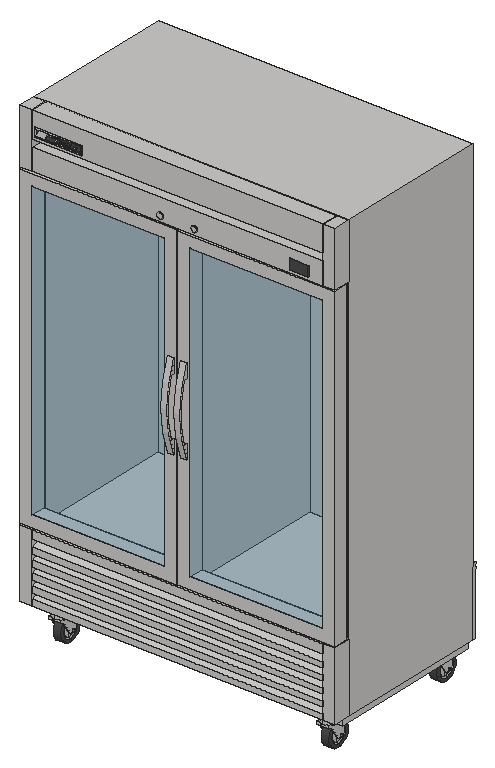
Revit family "QF_TRUE_T-49G-HC~FGD01", category Specialty Equipment, Revit 2015
Parameters
  Weight in Pounds = 0
  Watts = Volts * FL Amps  # 621 W
  Volts = 115 V
  URL Cutsheet = "www.truemfg.com"
  URL = "www.truemfg.com"
  Specification by User = ""
  Specification by Manufacturer = ""
  Show Clearance [instance] = yes
  Show 6 Inches Standard Legs [instance] = no
  Show 6 Inches Seismic Flanged Legs [instance] = no
  6 Inches Seismic Flanged Legs [instance] = and(Show 6 Inches Seismic Flanged Legs, not(Show 5 Inches Castors))  # no
  Show Logo [instance] = yes
  Serial Number = ""
  Seismic Rating = ""
  SMACNA No = ""
  Revision Code = ""
  Phase = 1
  Overall Height [instance] = Body Height + Base Height  # 83 3/8"
  Number of Poles = 1
  NAFEM Spec ID Number = ""
  Model = "T-49G-HC~FGD01"
  Min Ckt Ampacity = 0 A
  Max Overcurrent Protection = 0 A
  Masterspec = ""
  Manufacturer = "TRUE"
  Length = 54 5/32"
  Item Number = ""
  Installed By = ""
  Identify Quantity as Lot = yes
  Height = 83 3/8"
  HP = "1/2"
  Furnished By = ""
  Foodservice Equipment Identifier = yes
  FL Amps = 5.4 A
  Electrical Remarks = ""
  Electric Connection Type = ""
  Elec Conn RI Height = 0"
  Elec Conn Connection Height = 0"
  Description = "REACH-IN GLASS SWING DOOR REFRIGERATOR WITH HYDROCARBON REFRIGERANT~FRAMED GLASS DOOR VERSION 01"
  Depth = 29 13/16"
  Cycle = 60 Hz
  Conn Plug = "NEMA 5-15P"
  Conn Conduit = yes
  CSI MasterFormat = ""
  Body Height = 78 5/16"
  Base Height [instance] = if(Show 5 Inches Castors, 5 1/16", if(Show 6 Inches Standard Legs, 6", if(Show 6 Inches Seismic Flanged Legs, 6", 5 1/16")))  # 5 1/16"
  Apparent Power = 0 VA
  6 Inches Standard Legs [instance] = and(Show 6 Inches Standard Legs, not(Show 5 Inches Castors))  # no
  Show 5 Inches Castors [instance] = if(Show 6 Inches Standard Legs, Show 6 Inches Seismic Flanged Legs, not(Show 6 Inches Seismic Flanged Legs))  # yes
Reference planes (in)
  plane 1 "BACK": y = 0
  plane 2: z = 0
  plane 3 "LEFT": x = 0
  plane 4 "RIGHT": x = 54.15625
  plane 5 "FRONT": y = -29.8125
  plane 6 "TOP": z = 83.375
  plane 7 "Center Y": x = 27.07813
  plane 8 "Center X": y = -14.90625
  plane 9: z = 5.0625
Dimensions and locks (in)
  equal spacing: plane 3 "LEFT", plane 7 "Center Y", plane 4 "RIGHT"
  "Length": plane 3 "LEFT" to plane 4 "RIGHT"
  equal spacing: plane 5 "FRONT", plane 8 "Center X", plane 1 "BACK"
  "Depth": plane 5 "FRONT" to plane 1 "BACK"
  "Overall Height": plane 6 "TOP" to level
  plane 3 "LEFT" to plane 4 "RIGHT" = 54 5/32"
  nested 5 to plane 1 "BACK" = 1/2"
  nested 5 to nested 5 = 1 17/32"
  nested 5 to nested 5 = 31 27/32"
  "Base Height": plane 9 to level
  "Body Height": nested 5 to plane 9
  aligned and locked: level to plane 2
  aligned and locked: nested 5 to plane 9
Nested families (in)
  nested 1: "CASTER-LEGS" at (4, -2.625, 0), Show 5" Casters <- "Show 5 Inches Castors", Show 6 Inches Legs <- "6 Inches Standard Legs", Show Siesmic Flanged <- "6 Inches Seismic Flanged Legs", type "CASTER-LEGS"
    with Type Mark "", Status "", Specification by User "", Show Siesmic Flanged no, Show 6" Casters no, Show 6 Inches Legs no, Show 5" Casters yes, Show 4" Casters no, Show 2.5 Standard Legs no, Show 2.5 Casters no, Revision Code "", Low Profile no, Item Number "", Installed By "", Identify Quantity as Lot yes, Furnished By "", Foodservice Equipment Identifier yes
  nested 2: "CASTER-LEGS" at (4, -25.875, 0), Show 5" Casters <- "Show 5 Inches Castors", Show 6 Inches Legs <- "6 Inches Standard Legs", Show Siesmic Flanged <- "6 Inches Seismic Flanged Legs", type "CASTER-LEGS"
    with Type Mark "", Status "", Specification by User "", Show Siesmic Flanged no, Show 6" Casters no, Show 6 Inches Legs no, Show 5" Casters yes, Show 4" Casters no, Show 2.5 Standard Legs no, Show 2.5 Casters no, Revision Code "", Low Profile no, Item Number "", Installed By "", Identify Quantity as Lot yes, Furnished By "", Foodservice Equipment Identifier yes
  nested 3: "CASTER-LEGS" at (50.15625, -2.625, 0), Show 5" Casters <- "Show 5 Inches Castors", Show 6 Inches Legs <- "6 Inches Standard Legs", Show Siesmic Flanged <- "6 Inches Seismic Flanged Legs", type "CASTER-LEGS"
    with Type Mark "", Status "", Specification by User "", Show Siesmic Flanged no, Show 6" Casters no, Show 6 Inches Legs no, Show 5" Casters yes, Show 4" Casters no, Show 2.5 Standard Legs no, Show 2.5 Casters no, Revision Code "", Low Profile no, Item Number "", Installed By "", Identify Quantity as Lot yes, Furnished By "", Foodservice Equipment Identifier yes
  nested 4: "CASTER-LEGS" at (50.15625, -25.875, 0), Show 5" Casters <- "Show 5 Inches Castors", Show 6 Inches Legs <- "6 Inches Standard Legs", Show Siesmic Flanged <- "6 Inches Seismic Flanged Legs", type "CASTER-LEGS"
    with Type Mark "", Status "", Specification by User "", Show Siesmic Flanged no, Show 6" Casters no, Show 6 Inches Legs no, Show 5" Casters yes, Show 4" Casters no, Show 2.5 Standard Legs no, Show 2.5 Casters no, Revision Code "", Low Profile no, Item Number "", Installed By "", Identify Quantity as Lot yes, Furnished By "", Foodservice Equipment Identifier yes
  nested 5: "T-49G-HC-FGD01" at (0, 0, 0), Show Clearance <- "Show Clearance", Show Logo <- "Show Logo", type "T-49G-HC-FGD01"
    with Show Logo yes, Material and Finishes QF_Metal - Stainless - Polished
Connectors (in)
  electrical at (27.07812, 0.5, 12.71048), driven by "Volts", driven by "Watts"
    settings: on nested 5, index 1, voltage 115 V, apparent load 621 VA, apparent load phase1 0 VA, apparent load phase2 0 VA, apparent load phase3 0 VA, power factor 1, load classification "Other", number of poles 1, system type 30, power factor state 1, is connector primary yes, connector utility no, sub classification motor no, connector description "ELECTRICAL CONNECTION"
Definition of nested family "CASTER-LEGS"
  Parameters (values of type "CASTER-LEGS")
    Weight = ""
    URL Manufacturer = ""
    URL Cutsheet = ""
    URL = ""
    Type Mark [instance] = ""
    Status [instance] = ""
    Specification by User [instance] = ""
    Specification by Manufacturer = ""
    Show Siesmic Flanged [instance] = yes
    Show 6 Inches Legs [instance] = yes
    Show 6" Casters [instance] = yes
    Show 5" Casters [instance] = yes
    Show 4" Casters [instance] = yes
    Show 2.5 Standard Legs [instance] = yes
    Show 2.5 Casters [instance] = yes
    Serial Number = ""
    Seismic Rating = ""
    SMACNA No = ""
    Revision Code [instance] = ""
    Omniclass Number and Title = ""
    NAFEM Spec ID Number = ""
    Model = ""
    MasterSpec. = ""
    Manufacturer = ""
    Low Profile [instance] = yes
    Item Number [instance] = ""
    Installed By [instance] = ""
    Identify Quantity as Lot [instance] = yes
    Furnished By [instance] = ""
    Foodservice Equipment Identifier [instance] = yes
    Description = ""
    CSI MasterFormat = ""
    CSI Master Format = ""
    Assembly Code = ""
  Reference planes (in)
    plane 1: z = 0
    plane 2 "RIGHT": x = 0
    plane 3 "FRONT": y = 0
    plane 4 "TOP": z = 6
    plane 5: z = 2.125
    plane 6: z = 2.5
    plane 7: z = 6.25
  Forms (in)
    Revolve 1, solid, visible <- "Show 6 Inches Legs"
      sketch origin (11.12172, 0, 0) x (-1, 0, 0) y (0, 0, -1)
        loop
          line (11.12172, -6) -> (11.12172, 0) -> (10.62172, 0) -> (10.62172, -1.30261) -> (10.37172, -1.30261) -> (10.37172, -6) -> (11.12172, -6)
        axis (11.12172, 0) -> (11.12172, -6)
      angle from 0 to 360
    Extrusion 2, solid, visible <- "Show Siesmic Flanged"
      sketch origin (0, 0, 0) x (1, 0, 0) y (0, 1, 0)
        loop
          circle (-0.00825, 0) r 1
      from 0 to 0.125
    Revolve 3, solid, visible <- "Show Siesmic Flanged"
      sketch origin (11.12172, 0, 0) x (-1, 0, 0) y (0, 0, -1)
        loop
          line (11.12172, -6) -> (11.12172, -0.125) -> (10.62172, -0.125) -> (10.62172, -1.30261) -> (10.37172, -1.30261) -> (10.37172, -6) -> (11.12172, -6)
        axis (11.12172, -0.125) -> (11.12172, -6)
      angle from 0 to 360
    Revolve 4, solid, visible <- "Show 2.5 Standard Legs"
      sketch origin (11.12172, 0, 0) x (-1, 0, 0) y (0, 0, -1)
        loop
          line (11.12172, -2.5) -> (11.12172, 0) -> (10.62172, 0) -> (10.62172, -0.75) -> (10.37172, -0.75) -> (10.37172, -2.5) -> (11.12172, -2.5)
        axis (11.12172, 0) -> (11.12172, -2.5)
      angle from 0 to 360
  Dimensions and locks (in)
    plane 4 "TOP" to level = 6"  (x2)
    locked: Revolve 1 sketch curve to Revolve 1 sketch curve at 1.30261
    locked: Revolve 1 sketch curve to Revolve 1 sketch curve at 0.75
    nested 1 to level = 5"
    plane 6 to plane 1 = 2 1/2"
    plane 5 to plane 1 = 2 1/8"
    plane 7 to plane 1 = 6 1/4"
    locked: Revolve 3 sketch curve to Revolve 3 sketch curve at 0.75
    aligned and locked: level to plane 1
  Nested families (in)
    nested 1: "PITCO_5 INCHES CASTER" at (0, 0, 0), Show Casters <- "Show 5" Casters", type "PITCO_5 INCHES CASTER"
      with Type Mark "", Status "", Specification by User "", Show Casters yes, Revision Code "", Item Number "", Installed By "", Identify Quantity as Lot yes, Furnished By "", Foodservice Equipment Identifier yes
    nested 2: "2.13" at (0, 0, 0), 2.5 Inches Caster <- "Low Profile", type "2.13"
      with Type Mark "", Status "", Specification by User "", Revision Code "", Item Number "", Installed By "", Identify Quantity as Lot yes, Furnished By "", Foodservice Equipment Identifier yes, 2.5 Inches Caster yes
    nested 3: "C4" at (0, 0, 0), Show 4 Inches Casters <- "Show 4" Casters", type "C4"
      with Type Mark "", Specification by User "", Show 4 Inches Casters yes, Revision Code "", Item Number "", Installed By "", Identify Quantity as Lot yes, Furnished By "", Foodservice Equipment Identifier yes
    nested 4: "6 Inches Leg & Caster" at (0, 0, 0), Show Casters <- "Show 6" Casters", type "6 Inches Leg & Caster"
      with Type Mark "", Status "", Specification by User "", Show Casters yes, Revision Code "", Item Number "", Installed By "", Identify Quantity as Lot yes, Furnished By "", Foodservice Equipment Identifier yes
    nested 5: "C2.5" at (0, -0.86941, 0), 2.5 Inches Caster <- "Show 2.5 Casters", type "C2.5"
      with Type Mark "", Status "", Specification by User "", Revision Code "", Item Number "", Installed By "", Identify Quantity as Lot yes, Furnished By "", Foodservice Equipment Identifier yes, 2.5 Inches Caster yes
  Definition of nested family "PITCO_5 INCHES CASTER"
    Parameters (values of type "PITCO_5 INCHES CASTER")
      Weight = ""
      URL Manufacturer = ""
      URL Cutsheet = ""
      URL = ""
      Type Mark [instance] = ""
      Status [instance] = ""
      Specification by User [instance] = ""
      Specification by Manufacturer = ""
      Show Casters [instance] = yes
      Rubber = none
      Chrome = none
      Serial Number = ""
      Seismic Rating = ""
      SMACNA No = ""
      Revision Code [instance] = ""
      Omniclass Number and Title = ""
      NAFEM Spec ID Number = ""
      Model = ""
      MasterSpec. = ""
      Manufacturer = ""
      Item Number [instance] = ""
      Installed By [instance] = ""
      Identify Quantity as Lot [instance] = yes
      Furnished By [instance] = ""
      Foodservice Equipment Identifier [instance] = yes
      Description = ""
      CSI MasterFormat = ""
      CSI Master Format = ""
      Assembly Code = ""
    Reference planes (in)
      plane 1: z = 0
      plane 2 "RIGHT": x = 0
      plane 3 "FRONT": y = 0
      plane 4 "TOP": z = 5
      plane 5: z = 5.0625
    Forms (in)
      Revolve 1, solid, visible <- "Show Casters"
        sketch origin (-180, 1.0625, -34.67466) x (0, 0, -1) y (-1, 0, 0)
          loop
            line (-34.67466, -180.64009) -> (-34.67466, -179.35991) -> (-35.17466, -179.35991) -> (-35.17466, -179.48491) -> (-35.42466, -179.48491) -> (-35.42466, -179.64009) -> (-36.48519, -179.60306) -> (-36.48519, -178.85852) -> (-36.5316, -178.85852) -> (-36.5316, -178.71719) -> (-36.70591, -178.71719) -> (-36.70591, -181.28281) -> (-36.5316, -181.28281) -> (-36.5316, -181.14148) -> (-36.48519, -181.14148) -> (-36.48519, -180.39694) -> (-35.42466, -180.35991) -> (-35.42466, -180.51509) -> (-35.17466, -180.51509) -> (-35.17466, -180.64009) -> (-34.67466, -180.64009)
          axis (-36.70591, -181.28281) -> (-36.70591, -178.71719)
        angle from 0 to 360
      Extrusion 2, solid, visible <- "Show Casters"
        sketch origin (0, 0, -1.11142) x (0, -1, 0) y (1, 0, 0)
          loop
            circle (0, 0) r 1.5
        from 5.61142 to 6.17392
      Extrusion 3, solid, visible <- "Show Casters"
        sketch origin (0, 0, 0.289) x (0, -1, 0) y (0, 0, 1)
          loop
            arc (0.91808, 3.59427) -> (1.13645, 3.7909) -> (1.42156, 3.86198) r 0.60732
            line (1.42156, 3.86198) -> (1.46208, 3.86198) -> (1.43155, 4.211) -> (-1.43155, 4.211)
            arc (-1.43155, 4.211) -> (-1.62474, 4.13098) -> (-1.70476, 3.93778) r 0.27322
            line (-1.70476, 3.93778) -> (-1.70476, 3.78861) -> (-1.76351, 2.11371) -> (-1.82446, 1.68005)
            arc (-1.82446, 1.68005) -> (-1.73191, 1.41127) -> (-1.46007, 1.32816) r 0.31307
            line (-1.46007, 1.32816) -> (-0.60834, 1.47835)
            arc (-0.60834, 1.47835) -> (-0.50841, 1.51771) -> (-0.43181, 1.59299) r 0.26936
            line (-0.43181, 1.59299) -> (0.91808, 3.59427)
        from 0.84601 to 1.05998
      Extrusion 4, solid, visible <- "Show Casters"
        sketch origin (0, 0, -0.82242) x (0, -1, 0) y (0, 0, -1)
          loop
            line (1.43155, -5.32242) -> (1.46208, -4.9734) -> (1.42156, -4.9734)
            arc (1.42156, -4.9734) -> (1.13645, -4.90232) -> (0.91808, -4.70569) r 0.60732
            line (0.91808, -4.70569) -> (-0.43181, -2.70441)
            arc (-0.43181, -2.70441) -> (-0.50841, -2.62913) -> (-0.60834, -2.58977) r 0.26936
            line (-0.60834, -2.58977) -> (-1.46007, -2.43958)
            arc (-1.46007, -2.43958) -> (-1.73191, -2.52269) -> (-1.82446, -2.79147) r 0.31307
            line (-1.82446, -2.79147) -> (-1.76351, -3.22513) -> (-1.70476, -4.90003) -> (-1.70476, -5.0492)
            arc (-1.70476, -5.0492) -> (-1.62474, -5.2424) -> (-1.43155, -5.32242) r 0.27322
            line (-1.43155, -5.32242) -> (1.43155, -5.32242)
        from 0.84601 to 1.05998
      Extrusion 5, solid, visible <- "Show Casters"
        sketch origin (-0.84601, 0, 0.289) x (0, 1, 0) y (0, 0, 1)
          loop
            line (1.43155, 4.211) -> (-1.43155, 4.211) -> (-1.46208, 3.86198) -> (-1.42156, 3.86198)
            arc (-1.42156, 3.86198) -> (-1.13645, 3.7909) -> (-0.91808, 3.59427) r 0.60732
            arc (-0.91808, 3.59427) -> (0.37927, 3.88135) -> (1.70476, 3.78861) r 4.63574
            line (1.70476, 3.78861) -> (1.70476, 3.93778)
            arc (1.70476, 3.93778) -> (1.62474, 4.13098) -> (1.43155, 4.211) r 0.27322
        from 0 to 1.69203
    Cuts and joins
      joined: Extrusion 3, Extrusion 4, Extrusion 5
    Lines and regions (in)
      symbolic lines, visible <- "Show Casters"
        curve 1: line (0.70901, 2.6399, 0) -> (1.79507, 2.01286, 0)
        curve 2: line (-1.79099, -1.69023, 0) -> (0.70901, 2.6399, 0)
        curve 3: line (-0.70493, -2.31727, 0) -> (-1.79099, -1.69023, 0)
        curve 4: line (1.79507, 2.01286, 0) -> (-0.70493, -2.31727, 0)
    Dimensions and locks (in)
      plane 4 "TOP" to level = 5"  (x2)
      plane 5 to level = 5 1/16"
      aligned and locked: level to plane 1
  Definition of nested family "2.13"
    Parameters
      Weight = ""
      URL Manufacturer = ""
      URL Cutsheet = ""
      URL = ""
      Type Mark [instance] = ""
      Status [instance] = ""
      Specification by User [instance] = ""
      Specification by Manufacturer = ""
      Serial Number = ""
      Seismic Rating = ""
      SMACNA No = ""
      Revision Code [instance] = ""
      Omniclass Number and Title = ""
      NAFEM Spec ID Number = ""
      Model = ""
      MasterSpec. = ""
      Manufacturer = ""
      Item Number [instance] = ""
      Installed By [instance] = ""
      Identify Quantity as Lot [instance] = yes
      Furnished By [instance] = ""
      Foodservice Equipment Identifier [instance] = yes
      Description = ""
      CSI MasterFormat = ""
      CSI Master Format = ""
      Assembly Code = ""
      2.5 Inches Caster [instance] = yes
    Reference planes (in)
      plane 1: z = 0
      plane 2 "RIGHT": x = 0
      plane 3 "FRONT": y = 0
      plane 4 "TOP": z = 2.125
    Forms (in)
      Revolve 1, solid, visible <- "2.5 Inches Caster"
        sketch origin (-1.93794, 0.83816, -1.0041) x (1, 0, 0) y (0, 0, 1)
          loop
            line (0.74055, 1.76972) -> (0.74055, 1.69422) -> (0.79055, 1.64422) -> (0.85055, 1.64422) -> (0.85055, 1.52415) -> (1.235, 1.52415) -> (1.235, 1.4568) -> (1.38673, 1.3692) -> (1.4003, 1.28535) -> (1.34375, 1.28535) -> (1.34375, 1.16035) -> (1.375, 1.16035) -> (1.375, 1.0041) -> (1.87544, 1.0041) -> (1.87544, 1.52415) -> (2.00044, 1.52415) -> (2.00044, 1.0041) -> (2.48438, 1.0041) -> (2.48438, 1.16035) -> (2.51563, 1.16035) -> (2.51563, 1.28535) -> (2.45908, 1.28535) -> (2.47322, 1.37272) -> (2.62438, 1.45999) -> (2.62438, 1.52415) -> (3.04007, 1.52415) -> (3.04007, 1.64422) -> (3.10007, 1.64422) -> (3.15007, 1.69422) -> (3.15007, 1.76972) -> (0.74055, 1.76972)
          axis (0.74055, 1.76972) -> (3.15007, 1.76972)
        angle from 0 to 360
      Extrusion 2, solid, visible <- "2.5 Inches Caster"
        sketch origin (-1.93794, 1.80294, -3.6291) x (0, 1, 0) y (0, 0, 1)
          loop
            line (-0.64294, 5.43229) -> (-0.64294, 5.55298) -> (-2.21294, 5.55298) -> (-2.21294, 5.30272) -> (-1.81966, 5.30272)
            arc (-1.81966, 5.30272) -> (-1.13638, 5.20789) -> (-0.46376, 5.05475) r 8.02767
            arc (-0.46376, 5.05475) -> (-0.19511, 4.95469) -> (0.05138, 4.80832) r 1.60049
            line (0.05138, 4.80832) -> (0.12713, 4.91318)
            arc (0.12713, 4.91318) -> (-0.07255, 5.06376) -> (-0.29048, 5.18644) r 1.8753
            line (-0.29048, 5.18644) -> (-0.22239, 5.30423)
            arc (-0.22239, 5.30423) -> (-0.42776, 5.38437) -> (-0.64294, 5.43229) r 1.44292
        from 1.17357 to 2.70231
      Revolve 3, solid, visible <- "2.5 Inches Caster"
        sketch origin (0, 2.10856, -4.125) x (0, 1, 0) y (0, 0, 1)
          loop
            line (-1.73858, 6.25) -> (-1.73858, 6.04889) -> (-1.05793, 6.04889) -> (-1.05793, 6.25) -> (-1.73858, 6.25)
          axis (-1.73858, 6.04889) -> (-1.73858, 6.25)
        angle from 0 to 360
      Extrusion 4, solid, visible <- "2.5 Inches Caster"
        sketch origin (-1.98481, 1.80294, -2.1291) x (0, 1, 0) y (0, 0, 1)
          loop
            line (-2.21294, 4.05298) -> (-2.21294, 3.80272) -> (-2.13999, 3.80272)
            arc (-2.13999, 3.80272) -> (-1.62379, 3.51899) -> (-1.39241, 2.97729) r 0.90292
            arc (-1.39241, 2.97729) -> (-1.36136, 2.78161) -> (-1.29729, 2.59413) r 1.15385
            arc (-1.29729, 2.59413) -> (-0.94802, 2.37355) -> (-0.6121, 2.61396) r 0.37001
            arc (-0.6121, 2.61396) -> (-0.59625, 2.66241) -> (-0.58446, 2.712) r 0.61695
            arc (-0.58446, 2.712) -> (-0.36134, 3.11665) -> (0.05609, 3.31484) r 0.75313
            line (0.05609, 3.31484) -> (0.12713, 3.41318)
            arc (0.12713, 3.41318) -> (-0.07255, 3.56376) -> (-0.29048, 3.68644) r 1.8753
            line (-0.29048, 3.68644) -> (-0.22239, 3.80423)
            arc (-0.22239, 3.80423) -> (-0.42776, 3.88437) -> (-0.64294, 3.93229) r 1.44292
            line (-0.64294, 3.93229) -> (-0.64294, 4.05298) -> (-2.21294, 4.05298)
        from 2.74918 to 2.90825
      Extrusion 5, solid, visible <- "2.5 Inches Caster"
        sketch origin (1.98481, 1.80294, -2.1291) x (0, 1, 0) y (0, 0, -1)
          loop
            line (-2.21294, -4.05298) -> (-0.64294, -4.05298) -> (-0.64294, -3.93229)
            arc (-0.64294, -3.93229) -> (-0.42776, -3.88437) -> (-0.22239, -3.80423) r 1.44292
            line (-0.22239, -3.80423) -> (-0.29048, -3.68644)
            arc (-0.29048, -3.68644) -> (-0.07255, -3.56376) -> (0.12713, -3.41318) r 1.8753
            line (0.12713, -3.41318) -> (0.05609, -3.31484)
            arc (0.05609, -3.31484) -> (-0.36134, -3.11665) -> (-0.58446, -2.712) r 0.75313
            arc (-0.58446, -2.712) -> (-0.59625, -2.66241) -> (-0.6121, -2.61396) r 0.61695
            arc (-0.6121, -2.61396) -> (-0.94802, -2.37355) -> (-1.29729, -2.59413) r 0.37001
            arc (-1.29729, -2.59413) -> (-1.36136, -2.78161) -> (-1.39241, -2.97729) r 1.15385
            arc (-1.39241, -2.97729) -> (-1.62379, -3.51899) -> (-2.13999, -3.80272) r 0.90292
            line (-2.13999, -3.80272) -> (-2.21294, -3.80272) -> (-2.21294, -4.05298)
        from 2.74918 to 2.90825
    Lines and regions (in)
      symbolic lines, visible <- "2.5 Inches Caster"
        curve 1: line (0.10651, 1.27186, 0) -> (0.80944, 0.86603, 0)
        curve 2: line (-0.89349, -0.46019, 0) -> (0.10651, 1.27186, 0)
        curve 3: line (-0.19056, -0.86603, 0) -> (-0.89349, -0.46019, 0)
        curve 4: line (0.80944, 0.86603, 0) -> (-0.19056, -0.86603, 0)
    Dimensions and locks (in)
      plane 4 "TOP" to level = 2 1/8"  (x2)
      aligned and locked: level to plane 1
  Definition of nested family "C4"
    Parameters
      Weight = ""
      URL Manufacturer = ""
      URL Cutsheet = ""
      URL = ""
      Type Mark [instance] = ""
      Specification by User [instance] = ""
      Specification by Manufacturer = ""
      Show 4 Inches Casters [instance] = yes
      Serial Number = ""
      Seismic Rating = ""
      SMACNA No = ""
      Revision Code [instance] = ""
      Omniclass Number and Title = ""
      NAFEM Spec ID Number = ""
      Model = ""
      MasterSpec. = ""
      Manufacturer = ""
      Item Number [instance] = ""
      Installed By [instance] = ""
      Identify Quantity as Lot [instance] = yes
      Furnished By [instance] = ""
      Foodservice Equipment Identifier [instance] = yes
      Description = ""
      CSI MasterFormat = ""
      CSI Master Format = ""
      Assembly Code = ""
    Reference planes (in)
      plane 1: z = 0
      plane 2 "RIGHT": x = 0
      plane 3 "FRONT": y = 0
      plane 4 "TOP": z = 4
    Forms (in)
      Revolve 1, solid, visible <- "Show 4 Inches Casters"
        sketch origin (-1.93794, 0.83816, -1.0041) x (1, 0, 0) y (0, 0, 1)
          loop
            line (0.74055, 2.5041) -> (3.15007, 2.5041) -> (3.15007, 2.5796) -> (3.10007, 2.6296) -> (3.04007, 2.6296) -> (3.04007, 2.74967) -> (2.62438, 2.74967) -> (2.62438, 2.93884) -> (2.48438, 3.01967) -> (2.45908, 3.17597) -> (2.51563, 3.17597) -> (2.51563, 3.41035) -> (2.48438, 3.41035) -> (2.48438, 4.0041) -> (1.375, 4.0041) -> (1.375, 3.41035) -> (1.34375, 3.41035) -> (1.34375, 3.17597) -> (1.4003, 3.17597) -> (1.37557, 3.02318) -> (1.235, 2.94202) -> (1.235, 2.74967) -> (0.85055, 2.74967) -> (0.85055, 2.6296) -> (0.79055, 2.6296) -> (0.74055, 2.5796) -> (0.74055, 2.5041)
          axis (0.74055, 2.5041) -> (3.15007, 2.5041)
        angle from 0 to 360
      Extrusion 2, solid, visible <- "Show 4 Inches Casters"
        sketch origin (-1.93794, 1.80294, -1.7541) x (0, 1, 0) y (0, 0, 1)
          loop
            line (-3.08794, 5.33423) -> (-3.08794, 5.00584) -> (-2.69466, 5.00584)
            arc (-2.69466, 5.00584) -> (-1.57175, 4.94895) -> (-0.46376, 4.75787) r 9.36411
            arc (-0.46376, 4.75787) -> (-0.05889, 4.58436) -> (0.28335, 4.30705) r 1.60049
            line (0.28335, 4.30705) -> (0.34449, 4.39437)
            arc (0.34449, 4.39437) -> (0.12713, 4.6163) -> (-0.1239, 4.79931) r 1.8753
            line (-0.1239, 4.79931) -> (-0.05749, 4.91421)
            arc (-0.05749, 4.91421) -> (-0.33807, 5.05694) -> (-0.64294, 5.13542) r 1.44292
            line (-0.64294, 5.13542) -> (-0.64294, 5.33423) -> (-3.08794, 5.33423)
        from 1.1267 to 2.74918
      Revolve 3, solid, visible <- "Show 4 Inches Casters"
        sketch origin (0, 2.15543, -2.25) x (0, 1, 0) y (0, 0, 1)
          loop
            line (-2.21793, 6.25) -> (-2.21793, 5.83014) -> (-1.05793, 5.83014) -> (-1.05793, 6.25) -> (-2.21793, 6.25)
          axis (-2.21793, 5.83014) -> (-2.21793, 6.25)
        angle from 0 to 360
      Extrusion 4, solid, visible <- "Show 4 Inches Casters"
        sketch origin (-1.93794, 1.80294, -1.7541) x (0, 1, 0) y (0, 0, 1)
          loop
            line (-3.08794, 5.33423) -> (-3.08794, 5.00584) -> (-2.8913, 5.00584)
            arc (-2.8913, 5.00584) -> (-2.09118, 4.14057) -> (-1.45681, 3.14736) r 6.63355
            arc (-1.45681, 3.14736) -> (-0.85703, 2.75969) -> (-0.4561, 3.35069) r 0.5107
            arc (-0.4561, 3.35069) -> (-0.27092, 3.92503) -> (0.24034, 4.24562) r 0.88136
            line (0.24034, 4.24562) -> (0.34449, 4.39437)
            arc (0.34449, 4.39437) -> (0.12713, 4.6163) -> (-0.1239, 4.79931) r 1.8753
            line (-0.1239, 4.79931) -> (-0.05749, 4.91421)
            arc (-0.05749, 4.91421) -> (-0.33807, 5.05694) -> (-0.64294, 5.13542) r 1.44292
            line (-0.64294, 5.13542) -> (-0.64294, 5.33423) -> (-3.08794, 5.33423)
        from 2.74918 to 2.90825
      Extrusion 5, solid, visible <- "Show 4 Inches Casters"
        sketch origin (1.93794, 1.80294, -1.7541) x (0, 1, 0) y (0, 0, -1)
          loop
            line (-3.08794, -5.33423) -> (-0.64294, -5.33423) -> (-0.64294, -5.13542)
            arc (-0.64294, -5.13542) -> (-0.33807, -5.05694) -> (-0.05749, -4.91421) r 1.44292
            line (-0.05749, -4.91421) -> (-0.1239, -4.79931)
            arc (-0.1239, -4.79931) -> (0.12713, -4.6163) -> (0.34449, -4.39437) r 1.8753
            line (0.34449, -4.39437) -> (0.24034, -4.24562)
            arc (0.24034, -4.24562) -> (-0.27092, -3.92503) -> (-0.4561, -3.35069) r 0.88136
            arc (-0.4561, -3.35069) -> (-0.85703, -2.75969) -> (-1.45681, -3.14736) r 0.5107
            arc (-1.45681, -3.14736) -> (-2.09118, -4.14057) -> (-2.8913, -5.00584) r 6.63355
            line (-2.8913, -5.00584) -> (-3.08794, -5.00584) -> (-3.08794, -5.33423)
        from 2.74918 to 2.90825
    Cuts and joins
      joined: Extrusion 2, Extrusion 4, Extrusion 5
    Lines and regions (in)
      symbolic lines, visible <- "Show 4 Inches Casters"
        curve 1: line (0.28481, 1.83041, 0) -> (1.24556, 1.27572, 0)
        curve 2: line (-1.26206, -0.84886, 0) -> (0.28481, 1.83041, 0)
        curve 3: line (-0.30132, -1.40355, 0) -> (-1.26206, -0.84886, 0)
        curve 4: line (1.24556, 1.27572, 0) -> (-0.30132, -1.40355, 0)
    Dimensions and locks (in)
      plane 4 "TOP" to level = 4"  (x2)
      aligned and locked: level to plane 1
  Definition of nested family "6 Inches Leg & Caster"
    Parameters
      Weight = ""
      URL Manufacturer = ""
      URL Cutsheet = ""
      URL = ""
      Type Mark [instance] = ""
      Status [instance] = ""
      Specification by User [instance] = ""
      Specification by Manufacturer = ""
      Show Casters [instance] = yes
      Serial Number = ""
      Seismic Rating = ""
      SMACNA No = ""
      Revision Code [instance] = ""
      Omniclass Number and Title = ""
      NAFEM Spec ID Number = ""
      Model = ""
      MasterSpec. = ""
      Manufacturer = ""
      Item Number [instance] = ""
      Installed By [instance] = ""
      Identify Quantity as Lot [instance] = yes
      Furnished By [instance] = ""
      Foodservice Equipment Identifier [instance] = yes
      Description = ""
      CSI MasterFormat = ""
      CSI Master Format = ""
    Reference planes (in)
      plane 1 "BACK": y = 0
      plane 2: z = 0
      plane 3 "LEFT": x = 0
      plane 4 "RIGHT": x = 0
      plane 5 "FRONT": y = 0
      plane 6 "TOP": z = 6.25
    Forms (in)
      Revolve 1, solid, visible <- "Show Casters"
        sketch origin (-2.21793, 0, -0.25) x (-1, 0, 0) y (0, 0, 1)
          loop
            line (-2.21793, 6) -> (-2.21793, 5.55584) -> (-0.93693, 5.55584) -> (-0.93693, 6) -> (-2.21793, 6)
          axis (-2.21793, 5.55584) -> (-2.21793, 6)
        angle from 0 to 360
      Extrusion 2, solid, visible <- "Show Casters"
        sketch origin (0.25594, 2.21793, -0.1875) x (0, 1, 0) y (0, 0, 1)
          loop
            line (-3.37793, 5.49334) -> (-3.37793, 5.24334) -> (-1.63015, 2.08504)
            arc (-1.63015, 2.08504) -> (-0.63555, 1.74359) -> (-0.1951, 2.69848) r 0.78437
            line (-0.1951, 2.69848) -> (-1.06726, 5.49334) -> (-3.37793, 5.49334)
        from 0.78968 to 0.90247
      Extrusion 3, solid, visible <- "Show Casters"
        sketch origin (0, 0, 5.75) x (0, 1, 0) y (-1, 0, 0)
          loop
            circle (0, 0) r 0.75
        from 0 to 0.5
      Extrusion 4, solid, visible <- "Show Casters"
        sketch origin (-0.25594, 2.21793, -0.1875) x (0, 1, 0) y (0, 0, -1)
          loop
            line (-3.37793, -5.49334) -> (-1.06726, -5.49334) -> (-0.1951, -2.69848)
            arc (-0.1951, -2.69848) -> (-0.63555, -1.74359) -> (-1.63015, -2.08504) r 0.78437
            line (-1.63015, -2.08504) -> (-3.37793, -5.24334) -> (-3.37793, -5.49334)
        from 0.78968 to 0.90247
      Extrusion 5, solid, visible <- "Show Casters"
        sketch origin (0, 0, 0.75) x (0, 1, 0) y (0, 0, 1)
          loop
            line (-1.16, 4.55584) -> (-1.16, 4.30584) -> (1.15067, 4.30584) -> (1.15067, 4.55584) -> (-1.16, 4.55584)
        from -1.04562 to 1.04562
      Revolve 6, solid, visible <- "Show Casters"
        sketch origin (-1.9375, 1.23015, -0.12802) x (1, 0, 0) y (0, 0, 1)
          loop
            line (0.5843, 2.5041) -> (0.5843, 2.3661) -> (0.6343, 2.3161) -> (0.6943, 2.3161) -> (0.6943, 2.1804) -> (1.1725, 2.1804) -> (1.1725, 1.78493) -> (1.31307, 1.70377) -> (1.42647, 1.00302) -> (1.28125, 1.00302) -> (1.28125, 0.75302) -> (1.3125, 0.75302) -> (1.3125, 0.50302)
            arc (1.3125, 0.50302) -> (1.42233, 0.23785) -> (1.6875, 0.12802) r 0.375
            line (1.6875, 0.12802) -> (2.1875, 0.12802)
            arc (2.1875, 0.12802) -> (2.45267, 0.23785) -> (2.5625, 0.50302) r 0.375
            line (2.5625, 0.50302) -> (2.5625, 0.75302) -> (2.59375, 0.75302) -> (2.59375, 1.00302) -> (2.44853, 1.00302) -> (2.5625, 1.70728) -> (2.7025, 1.78811) -> (2.7025, 2.1804) -> (3.1807, 2.1804) -> (3.1807, 2.3161) -> (3.2407, 2.3161) -> (3.2907, 2.3661) -> (3.2907, 2.5041) -> (0.5843, 2.5041)
          axis (0.5843, 2.5041) -> (3.2907, 2.5041)
        angle from 0 to 360
    Cuts and joins
      joined: Extrusion 2, Extrusion 4, Extrusion 5
    Lines and regions (in)
      symbolic lines, visible <- "Show Casters"
        curve 1: line (0.46086, 2.04455, 0) -> (1.54339, 1.41955, 0)
        curve 2: line (-1.53914, -1.41955, 0) -> (0.46086, 2.04455, 0)
        curve 3: line (-0.45661, -2.04455, 0) -> (-1.53914, -1.41955, 0)
        curve 4: line (1.54339, 1.41955, 0) -> (-0.45661, -2.04455, 0)
    Dimensions and locks (in)
      plane 6 "TOP" to level = 6 1/4"  (x2)
      aligned and locked: level to plane 2
  Definition of nested family "C2.5"
    Parameters
      Weight = ""
      URL Manufacturer = ""
      URL Cutsheet = ""
      URL = ""
      Type Mark [instance] = ""
      Status [instance] = ""
      Specification by User [instance] = ""
      Specification by Manufacturer = ""
      Serial Number = ""
      Seismic Rating = ""
      SMACNA No = ""
      Revision Code [instance] = ""
      Omniclass Number and Title = ""
      NAFEM Spec ID Number = ""
      Model = ""
      MasterSpec. = ""
      Manufacturer = ""
      Item Number [instance] = ""
      Installed By [instance] = ""
      Identify Quantity as Lot [instance] = yes
      Furnished By [instance] = ""
      Foodservice Equipment Identifier [instance] = yes
      Description = ""
      CSI MasterFormat = ""
      CSI Master Format = ""
      Assembly Code = ""
      2.5 Inches Caster [instance] = yes
    Reference planes (in)
      plane 1: z = 0
      plane 2 "RIGHT": x = 0
      plane 3 "FRONT": y = 0
      plane 4 "TOP": z = 2.5
    Forms (in)
      Revolve 1, solid, visible <- "2.5 Inches Caster"
        sketch origin (-1.93794, 0.83816, -1.0041) x (1, 0, 0) y (0, 0, 1)
          loop
            line (0.74055, 1.92597) -> (0.74055, 1.85047) -> (0.79055, 1.80047) -> (0.85055, 1.80047) -> (0.85055, 1.6804) -> (1.235, 1.6804) -> (1.235, 1.61305) -> (1.38673, 1.52545) -> (1.4003, 1.4416) -> (1.34375, 1.4416) -> (1.34375, 1.3166) -> (1.375, 1.3166) -> (1.375, 1.0041) -> (2.48438, 1.0041) -> (2.48438, 1.3166) -> (2.51563, 1.3166) -> (2.51563, 1.4416) -> (2.45908, 1.4416) -> (2.47322, 1.52897) -> (2.62438, 1.61624) -> (2.62438, 1.6804) -> (3.04007, 1.6804) -> (3.04007, 1.80047) -> (3.10007, 1.80047) -> (3.15007, 1.85047) -> (3.15007, 1.92597) -> (0.74055, 1.92597)
          axis (0.74055, 1.92597) -> (3.15007, 1.92597)
        angle from 0 to 360
      Extrusion 2, solid, visible <- "2.5 Inches Caster"
        sketch origin (-1.93794, 1.80294, -3.2541) x (0, 1, 0) y (0, 0, 1)
          loop
            line (-0.64294, 5.43229) -> (-0.64294, 5.55298) -> (-2.21294, 5.55298) -> (-2.21294, 5.30272) -> (-1.81966, 5.30272)
            arc (-1.81966, 5.30272) -> (-1.13638, 5.20789) -> (-0.46376, 5.05475) r 8.02767
            arc (-0.46376, 5.05475) -> (-0.19511, 4.95469) -> (0.05138, 4.80832) r 1.60049
            line (0.05138, 4.80832) -> (0.12713, 4.91318)
            arc (0.12713, 4.91318) -> (-0.07255, 5.06376) -> (-0.29048, 5.18644) r 1.8753
            line (-0.29048, 5.18644) -> (-0.22239, 5.30423)
            arc (-0.22239, 5.30423) -> (-0.42776, 5.38437) -> (-0.64294, 5.43229) r 1.44292
        from 1.17357 to 2.70231
      Revolve 3, solid, visible <- "2.5 Inches Caster"
        sketch origin (0, 2.10856, -3.75) x (0, 1, 0) y (0, 0, 1)
          loop
            line (-1.73858, 6.25) -> (-1.73858, 6.04889) -> (-1.05793, 6.04889) -> (-1.05793, 6.25) -> (-1.73858, 6.25)
          axis (-1.73858, 6.04889) -> (-1.73858, 6.25)
        angle from 0 to 360
      Extrusion 4, solid, visible <- "2.5 Inches Caster"
        sketch origin (-1.98481, 1.80294, -1.7541) x (0, 1, 0) y (0, 0, 1)
          loop
            line (-2.21294, 4.05298) -> (-2.21294, 3.80272) -> (-2.13999, 3.80272)
            arc (-2.13999, 3.80272) -> (-1.62379, 3.51899) -> (-1.39241, 2.97729) r 0.90292
            arc (-1.39241, 2.97729) -> (-1.36136, 2.78161) -> (-1.29729, 2.59413) r 1.15385
            arc (-1.29729, 2.59413) -> (-0.94802, 2.37355) -> (-0.6121, 2.61396) r 0.37001
            arc (-0.6121, 2.61396) -> (-0.59625, 2.66241) -> (-0.58446, 2.712) r 0.61695
            arc (-0.58446, 2.712) -> (-0.36134, 3.11665) -> (0.05609, 3.31484) r 0.75313
            line (0.05609, 3.31484) -> (0.12713, 3.41318)
            arc (0.12713, 3.41318) -> (-0.07255, 3.56376) -> (-0.29048, 3.68644) r 1.8753
            line (-0.29048, 3.68644) -> (-0.22239, 3.80423)
            arc (-0.22239, 3.80423) -> (-0.42776, 3.88437) -> (-0.64294, 3.93229) r 1.44292
            line (-0.64294, 3.93229) -> (-0.64294, 4.05298) -> (-2.21294, 4.05298)
        from 2.74918 to 2.90825
      Extrusion 5, solid, visible <- "2.5 Inches Caster"
        sketch origin (1.98481, 1.80294, -1.7541) x (0, 1, 0) y (0, 0, -1)
          loop
            line (-2.21294, -4.05298) -> (-0.64294, -4.05298) -> (-0.64294, -3.93229)
            arc (-0.64294, -3.93229) -> (-0.42776, -3.88437) -> (-0.22239, -3.80423) r 1.44292
            line (-0.22239, -3.80423) -> (-0.29048, -3.68644)
            arc (-0.29048, -3.68644) -> (-0.07255, -3.56376) -> (0.12713, -3.41318) r 1.8753
            line (0.12713, -3.41318) -> (0.05609, -3.31484)
            arc (0.05609, -3.31484) -> (-0.36134, -3.11665) -> (-0.58446, -2.712) r 0.75313
            arc (-0.58446, -2.712) -> (-0.59625, -2.66241) -> (-0.6121, -2.61396) r 0.61695
            arc (-0.6121, -2.61396) -> (-0.94802, -2.37355) -> (-1.29729, -2.59413) r 0.37001
            arc (-1.29729, -2.59413) -> (-1.36136, -2.78161) -> (-1.39241, -2.97729) r 1.15385
            arc (-1.39241, -2.97729) -> (-1.62379, -3.51899) -> (-2.13999, -3.80272) r 0.90292
            line (-2.13999, -3.80272) -> (-2.21294, -3.80272) -> (-2.21294, -4.05298)
        from 2.74918 to 2.90825
    Lines and regions (in)
      symbolic lines, visible <- "2.5 Inches Caster"
        curve 1: line (0.10651, 1.96132, 0) -> (0.80944, 1.55548, 0)
        curve 2: line (-0.89349, 0.22927, 0) -> (0.10651, 1.96132, 0)
        curve 3: line (-0.19056, -0.17657, 0) -> (-0.89349, 0.22927, 0)
        curve 4: line (0.80944, 1.55548, 0) -> (-0.19056, -0.17657, 0)
    Dimensions and locks (in)
      plane 4 "TOP" to level = 2 1/2"  (x2)
      aligned and locked: level to plane 1
Definition of nested family "T-49G-HC-FGD01"
  Parameters (values of type "T-49G-HC-FGD01")
    Weight in Pounds = 0
    URL Cutsheet = ""
    Specification by User = ""
    Specification by Manufacturer = ""
    Show Logo [instance] = yes
    Show Clearance [instance] = yes
    Serial Number = ""
    Seismic Rating = ""
    SMACNA No = ""
    Revision Code = ""
    NAFEM Spec ID Number = ""
    Material and Finishes [instance] = none
    Masterspec = ""
    Item Number = ""
    Installed By = ""
    Identify Quantity as Lot = yes
    Furnished By = ""
    Foodservice Equipment Identifier = yes
    CSI MasterFormat = ""
  Reference planes (in)
    plane 1 "BACK": y = 0
    plane 2: z = 0
    plane 3 "LEFT": x = 0
    plane 4 "RIGHT": x = 54.15625
    plane 5 "FRONT": y = -29.8125
    plane 6 "TOP": z = 83.375
    plane 7 "Center Y": x = 27.07813
    plane 8 "Center X": y = -14.90625
    plane 9: z = 5.0625
    plane 10: y = 0.5
    plane 11: y = -31.34375
    plane 12: z = 7.0625
    plane 13: z = 81.375
    plane 14: y = -55.25
    plane 15: y = -55.25
    plane 16: z = 7.0625
    plane 17: z = 81.375
    plane 18: y = -55.25
    plane 19: z = 18.875
    plane 20: z = 53.75
    plane 21: z = 38.75
    plane 22: z = 53.75
    plane 23: z = 38.75
    plane 24: z = 18.875
    plane 25: z = 53.75
    plane 26: z = 38.75
    plane 27: z = 53.75
    plane 28: z = 38.75
    plane 29: x = 1
    plane 30: x = 53.15625
  Forms (in)
    Extrusion 1, solid, material <- "Material and Finishes"
      sketch origin (-5.09019, 0.0625, 48) x (-1, 0, 0) y (0, 0, 1)
        loop
          line (-5.09019, 35.375) -> (-7.09019, 35.375) -> (-7.09019, -41.125) -> (-5.09019, -41.125) -> (-5.09019, 35.375)
      from -0.0625 to -26.875
    Extrusion 2, solid, material <- "Material and Finishes"
      sketch origin (2, -26.8125, 83.375) x (0, 0, -1) y (0, 1, 0)
        loop
          line (0, -3) -> (4.5, -3) -> (5.75, -0.19245) -> (5.75, -3) -> (9.5, -3) -> (9.5, 0) -> (0, 0) -> (0, -3)
        loop
          line (64.75, -3) -> (66.25, -3) -> (66.25, -0.43712) -> (67.5, -3) -> (68.5, -3) -> (68.5, -0.9497) -> (69.5, -3) -> (70.5, -3) -> (70.5, -0.9497) -> (71.5, -3) -> (72.5, -3) -> (72.5, -0.9497) -> (73.5, -3) -> (74.5, -3) -> (74.5, -0.9497) -> (75.5, -3) -> (76.5, -3) -> (76.5, 0) -> (64.75, 0) -> (64.75, -3)
      from 0 to 50.15625
    Extrusion 3, solid
      sketch origin (-5.09019, -29.8125, 48) x (1, 0, 0) y (0, 0, 1)
        loop
          line (7.09019, -27.125) -> (30.0387, -27.125) -> (30.0387, 23.625) -> (7.09019, 23.625) -> (7.09019, -27.125)
        loop
          line (34.29793, -27.125) -> (57.24644, -27.125) -> (57.24644, 23.625) -> (34.29793, 23.625) -> (34.29793, -27.125)
      from 0 to -0.125
    Extrusion 4, solid
      sketch origin (2, -29.8125, 77.625) x (0, 0, -1) y (1, 0, 0)
        loop
          circle (2.77758, 22.14431) r 0.5
        loop
          circle (2.77758, 28.01194) r 0.5
      from 0 to 0.0625
    Extrusion 5, solid, visible <- "Show Clearance", detail levels coarse
      sketch origin (0, -26.8125, 46.5) x (0, -1, 0) y (-1, 0, 0)
        loop
          arc (3, -26.94851) -> (21.16957, -18.61945) -> (28.4375, 0) r 26.64931
          line (28.4375, 0) -> (3, 0) -> (3, -26.94851)
        loop
          line (3, -27.20774) -> (3, -54.15625) -> (28.4375, -54.15625)
          arc (28.4375, -54.15625) -> (21.16957, -35.5368) -> (3, -27.20774) r 26.64931
      from 27.625 to -27.125
    Extrusion 6, solid, material <- "Material and Finishes"
      sketch origin (0, 0.0625, 82.375) x (0, 0, 1) y (0, 1, 0)
        loop
          line (-75.5, -0.0625) -> (-63.92678, -0.0625) -> (-63.92678, 0.08569) -> (-63.75, 0.26246) -> (-63.75, 0.4375) -> (-64.09324, 0.4375) -> (-64.09324, 0.3125) -> (-64.47374, 0.3125) -> (-64.47374, 0.4375) -> (-64.81856, 0.4375) -> (-64.81856, 0.3125) -> (-75.5, 0.3125) -> (-75.5, -0.0625)
      from 0 to -54.15625
    Extrusion 7, solid, material <- "Material and Finishes"
      sketch origin (2, 0.0625, 83.375) x (0, 0, -1) y (0, 1, 0)
        loop
          line (0, -0.0625) -> (0, -26.875) -> (2, -26.875) -> (2, -2.6875) -> (64.75, -2.6875) -> (64.75, -26.875) -> (76.5, -26.875) -> (76.5, -0.0625) -> (0, -0.0625)
      from 0 to 50.15625
    Extrusion 8, solid, material <- "Material and Finishes"
      sketch origin (-5.09019, -26.8125, 48) x (1, 0, 0) y (0, 0, 1)
        loop
          line (32.0387, 25.625) -> (5.09019, 25.625) -> (5.09019, -29.125) -> (32.0387, -29.125) -> (32.0387, 25.625)
        loop
          line (30.0387, 23.625) -> (7.09019, 23.625) -> (7.09019, -27.125) -> (30.0387, -27.125) -> (30.0387, 23.625)
        loop
          line (32.29793, 25.625) -> (32.29793, -29.125) -> (59.24644, -29.125) -> (59.24644, 25.625) -> (32.29793, 25.625)
        loop
          line (34.29793, 23.625) -> (34.29793, -27.125) -> (57.24644, -27.125) -> (57.24644, 23.625) -> (34.29793, 23.625)
      from 0.5 to 3
    Extrusion 9, solid, material <- "Material and Finishes"
      sketch origin (59.24644, 0.0625, 48) x (1, 0, 0) y (0, 0, -1)
        loop
          line (-5.09019, -35.375) -> (-5.09019, 41.125) -> (-7.09019, 41.125) -> (-7.09019, -35.375) -> (-5.09019, -35.375)
      from -0.0625 to -26.875
    Extrusion 10, solid
      sketch origin (-21.96875, -29.8125, 77.625) x (0, 0, -1) y (1, 0, 0)
        loop
          line (1.52381, 68.36966) -> (3.27381, 68.36966) -> (3.27381, 71.61966) -> (1.52381, 71.61966) -> (1.52381, 68.36966)
      from 0 to 0.0625
    Extrusion 11, solid, material <- "Material and Finishes"
      sketch origin (2, -26.8125, 83.375) x (0, 0, -1) y (0, 1, 0)
        loop
          line (0, -3) -> (9.5, -3) -> (9.5, 0) -> (0, 0) -> (0, -3)
        loop
          line (64.75, -3) -> (76.5, -3) -> (76.5, 0) -> (64.75, 0) -> (64.75, -3)
      from 0 to -2
    Extrusion 12, solid, material <- "Material and Finishes"
      sketch origin (52.15625, -26.8125, 83.375) x (0, 0, -1) y (0, -1, 0)
        loop
          line (0, 3) -> (0, 0) -> (9.5, 0) -> (9.5, 3) -> (0, 3)
        loop
          line (64.75, 3) -> (64.75, 0) -> (76.5, 0) -> (76.5, 3) -> (64.75, 3)
      from 0 to -2
    Extrusion 13, solid
      sketch origin (-5.09019, -26.8125, 48) x (1, 0, 0) y (0, 0, 1)
        loop
          line (5.34019, -28.99634) -> (31.7887, -28.99634) -> (31.7887, 25.49634) -> (5.34019, 25.49634) -> (5.34019, -28.99634)
        loop
          line (58.99644, -28.99634) -> (58.99644, 25.49634) -> (32.54793, 25.49634) -> (32.54793, -28.99634) -> (58.99644, -28.99634)
        loop
          line (6.84019, 23.875) -> (6.84019, -27.375) -> (30.2887, -27.375) -> (30.2887, 23.875) -> (6.84019, 23.875)
        loop
          line (57.49644, 23.875) -> (34.04793, 23.875) -> (34.04793, -27.375) -> (57.49644, -27.375) -> (57.49644, 23.875)
      from 0 to 0.5
    Extrusion 14, solid, material <- "Material and Finishes"
      sketch origin (0, -29.8125, 0) x (1, 0, 0) y (0, 0, 1)
        loop
          line (28.07812, 6.875) -> (28.07812, 81.375) -> (26.07812, 81.375) -> (26.07812, 6.875) -> (28.07812, 6.875)
      from -27.1875 to -3
    Extrusion 15, solid, material <- "Material and Finishes", not visible
      sketch origin (-5.09019, 0.0625, 48) x (-1, 0, 0) y (0, 0, 1)
        loop
          line (-5.09019, 35.375) -> (-7.09019, 35.375) -> (-7.09019, -41.125) -> (-5.09019, -41.125) -> (-5.09019, 35.375)
      from -0.0625 to -26.875
    Extrusion 16, solid, material <- "Material and Finishes", not visible
      sketch origin (2, -26.8125, 83.375) x (0, 0, -1) y (0, 1, 0)
        loop
          line (0, -3) -> (4.5, -3) -> (5.75, -0.19245) -> (5.75, -3) -> (9.5, -3) -> (9.5, 0) -> (0, 0) -> (0, -3)
        loop
          line (64.75, -3) -> (66.25, -3) -> (66.25, -0.43712) -> (67.5, -3) -> (68.5, -3) -> (68.5, -0.9497) -> (69.5, -3) -> (70.5, -3) -> (70.5, -0.9497) -> (71.5, -3) -> (72.5, -3) -> (72.5, -0.9497) -> (73.5, -3) -> (74.5, -3) -> (74.5, -0.9497) -> (75.5, -3) -> (76.5, -3) -> (76.5, 0) -> (64.75, 0) -> (64.75, -3)
      from 0 to 50.15625
    Extrusion 17, solid, not visible
      sketch origin (-5.09019, -29.8125, 48) x (1, 0, 0) y (0, 0, 1)
        loop
          line (7.09019, -27.125) -> (30.0387, -27.125) -> (30.0387, 23.625) -> (7.09019, 23.625) -> (7.09019, -27.125)
        loop
          line (34.29793, -27.125) -> (57.24644, -27.125) -> (57.24644, 23.625) -> (34.29793, 23.625) -> (34.29793, -27.125)
      from 0 to -0.125
    Extrusion 18, solid, not visible
      sketch origin (2, -29.8125, 77.625) x (0, 0, -1) y (1, 0, 0)
        loop
          circle (2.77758, 22.14431) r 0.5
        loop
          circle (2.77758, 28.01194) r 0.5
      from 0 to 0.0625
    Extrusion 19, solid, visible <- "Show Clearance", not visible, detail levels coarse
      sketch origin (0, -26.8125, 46.5) x (0, -1, 0) y (-1, 0, 0)
        loop
          arc (3, -26.94851) -> (21.16957, -18.61945) -> (28.4375, 0) r 26.64931
          line (28.4375, 0) -> (3, 0) -> (3, -26.94851)
        loop
          line (3, -27.20774) -> (3, -54.15625) -> (28.4375, -54.15625)
          arc (28.4375, -54.15625) -> (21.16957, -35.5368) -> (3, -27.20774) r 26.64931
      from 27.625 to -27.125
    Extrusion 20, solid, material <- "Material and Finishes", not visible
      sketch origin (0, 0.0625, 82.375) x (0, 0, 1) y (0, 1, 0)
        loop
          line (-75.5, -0.0625) -> (-63.92678, -0.0625) -> (-63.92678, 0.08569) -> (-63.75, 0.26246) -> (-63.75, 0.4375) -> (-64.09324, 0.4375) -> (-64.09324, 0.3125) -> (-64.47374, 0.3125) -> (-64.47374, 0.4375) -> (-64.81856, 0.4375) -> (-64.81856, 0.3125) -> (-75.5, 0.3125) -> (-75.5, -0.0625)
      from 0 to -54.15625
    Extrusion 21, solid, material <- "Material and Finishes", not visible
      sketch origin (2, 0.0625, 83.375) x (0, 0, -1) y (0, 1, 0)
        loop
          line (0, -0.0625) -> (0, -26.875) -> (2, -26.875) -> (2, -2.6875) -> (64.75, -2.6875) -> (64.75, -26.875) -> (76.5, -26.875) -> (76.5, -0.0625) -> (0, -0.0625)
      from 0 to 50.15625
    Extrusion 22, solid, material <- "Material and Finishes", not visible
      sketch origin (-5.09019, -26.8125, 48) x (1, 0, 0) y (0, 0, 1)
        loop
          line (32.0387, 25.625) -> (5.09019, 25.625) -> (5.09019, -29.125) -> (32.0387, -29.125) -> (32.0387, 25.625)
        loop
          line (30.0387, 23.625) -> (7.09019, 23.625) -> (7.09019, -27.125) -> (30.0387, -27.125) -> (30.0387, 23.625)
        loop
          line (32.29793, 25.625) -> (32.29793, -29.125) -> (59.24644, -29.125) -> (59.24644, 25.625) -> (32.29793, 25.625)
        loop
          line (34.29793, 23.625) -> (34.29793, -27.125) -> (57.24644, -27.125) -> (57.24644, 23.625) -> (34.29793, 23.625)
      from 0.5 to 3
    Extrusion 23, solid, material <- "Material and Finishes", not visible
      sketch origin (59.24644, 0.0625, 48) x (1, 0, 0) y (0, 0, -1)
        loop
          line (-5.09019, -35.375) -> (-5.09019, 41.125) -> (-7.09019, 41.125) -> (-7.09019, -35.375) -> (-5.09019, -35.375)
      from -0.0625 to -26.875
    Extrusion 24, solid, not visible
      sketch origin (-21.96875, -29.8125, 77.625) x (0, 0, -1) y (1, 0, 0)
        loop
          line (1.52381, 68.36966) -> (3.27381, 68.36966) -> (3.27381, 71.61966) -> (1.52381, 71.61966) -> (1.52381, 68.36966)
      from 0 to 0.0625
    Extrusion 25, solid, material <- "Material and Finishes", not visible
      sketch origin (2, -26.8125, 83.375) x (0, 0, -1) y (0, 1, 0)
        loop
          line (0, -3) -> (9.5, -3) -> (9.5, 0) -> (0, 0) -> (0, -3)
        loop
          line (64.75, -3) -> (76.5, -3) -> (76.5, 0) -> (64.75, 0) -> (64.75, -3)
      from 0 to -2
    Extrusion 26, solid, material <- "Material and Finishes", not visible
      sketch origin (52.15625, -26.8125, 83.375) x (0, 0, -1) y (0, -1, 0)
        loop
          line (0, 3) -> (0, 0) -> (9.5, 0) -> (9.5, 3) -> (0, 3)
        loop
          line (64.75, 3) -> (64.75, 0) -> (76.5, 0) -> (76.5, 3) -> (64.75, 3)
      from 0 to -2
    Extrusion 27, solid, not visible
      sketch origin (-5.09019, -26.8125, 48) x (1, 0, 0) y (0, 0, 1)
        loop
          line (5.34019, -28.99634) -> (31.7887, -28.99634) -> (31.7887, 25.49634) -> (5.34019, 25.49634) -> (5.34019, -28.99634)
        loop
          line (58.99644, -28.99634) -> (58.99644, 25.49634) -> (32.54793, 25.49634) -> (32.54793, -28.99634) -> (58.99644, -28.99634)
        loop
          line (6.84019, 23.875) -> (6.84019, -27.375) -> (30.2887, -27.375) -> (30.2887, 23.875) -> (6.84019, 23.875)
        loop
          line (57.49644, 23.875) -> (34.04793, 23.875) -> (34.04793, -27.375) -> (57.49644, -27.375) -> (57.49644, 23.875)
      from 0 to 0.5
    Extrusion 28, solid, material <- "Material and Finishes", not visible
      sketch origin (0, -29.8125, 0) x (1, 0, 0) y (0, 0, 1)
        loop
          line (28.07812, 6.875) -> (28.07812, 81.375) -> (26.07812, 81.375) -> (26.07812, 6.875) -> (28.07812, 6.875)
      from -27.1875 to -3
    Extrusion 29, solid
      sketch origin (0, 0.375, 19.40845) x (0, 0, -1) y (-1, 0, 0)
        loop
          circle (6.69797, -27.07812) r 0.25
      from 0 to 0.125
    Extrusion 30, solid, material <- "Material and Finishes"
      sketch origin (0, 0, -13.8125) x (0, 1, 0) y (0, 0, 1)
        loop
          arc (-29.8125, 67.5625) -> (-31.34375, 60.0625) -> (-29.8125, 52.5625) r 19.13293
          line (-29.8125, 52.5625) -> (-29.8125, 55.0625) -> (-30.42214, 55.0625)
          arc (-30.42214, 55.0625) -> (-31.09791, 60.0625) -> (-30.42214, 65.0625) r 18.83534
          line (-30.42214, 65.0625) -> (-29.8125, 65.0625) -> (-29.8125, 67.5625)
      from 25.44851 to 26.45776
    Extrusion 31, solid, material <- "Material and Finishes"
      sketch origin (54.15625, 0, -13.8125) x (0, 1, 0) y (0, 0, -1)
        loop
          line (-29.8125, -67.5625) -> (-29.8125, -65.0625) -> (-30.42214, -65.0625)
          arc (-30.42214, -65.0625) -> (-31.09791, -60.0625) -> (-30.42214, -55.0625) r 18.83534
          line (-30.42214, -55.0625) -> (-29.8125, -55.0625) -> (-29.8125, -52.5625)
          arc (-29.8125, -52.5625) -> (-31.34385, -60.0625) -> (-29.8125, -67.5625) r 19.13182
      from 25.44851 to 26.45776
    Extrusion 32, solid, material <- "Material and Finishes", not visible
      sketch origin (0, 0, -13.8125) x (0, 1, 0) y (0, 0, 1)
        loop
          arc (-29.8125, 67.5625) -> (-31.34375, 60.0625) -> (-29.8125, 52.5625) r 19.13293
          line (-29.8125, 52.5625) -> (-29.8125, 55.0625) -> (-30.42214, 55.0625)
          arc (-30.42214, 55.0625) -> (-31.09791, 60.0625) -> (-30.42214, 65.0625) r 18.83534
          line (-30.42214, 65.0625) -> (-29.8125, 65.0625) -> (-29.8125, 67.5625)
      from 25.44851 to 26.45776
    Extrusion 33, solid, material <- "Material and Finishes", not visible
      sketch origin (54.15625, 0, -13.8125) x (0, 1, 0) y (0, 0, -1)
        loop
          line (-29.8125, -67.5625) -> (-29.8125, -65.0625) -> (-30.42214, -65.0625)
          arc (-30.42214, -65.0625) -> (-31.09791, -60.0625) -> (-30.42214, -55.0625) r 18.83534
          line (-30.42214, -55.0625) -> (-29.8125, -55.0625) -> (-29.8125, -52.5625)
          arc (-29.8125, -52.5625) -> (-31.34385, -60.0625) -> (-29.8125, -67.5625) r 19.13182
      from 25.44851 to 26.45776
    Extrusion 34, solid, material <- "Material and Finishes"
      sketch origin (0, -29.8125, 0) x (1, 0, 0) y (0, 0, 1)
        loop
          line (1, 6.875) -> (1, 5.0625) -> (53.15625, 5.0625) -> (53.15625, 6.875) -> (1, 6.875)
      from -29.8125 to -3
    Extrusion 35, solid
      sketch origin (54.20774, -26.8125, 18.875) x (0, 1, 0) y (1, 0, 0)
        loop
          line (0, -1.157) -> (0, -0.21392) -> (-2.06523, -0.25589)
          arc (-2.06523, -0.25589) -> (-2.48736, -0.68546) -> (-2.06523, -1.11503) r 0.42963
          line (-2.06523, -1.11503) -> (0, -1.157)
        loop
          circle (-2.05773, -0.68546) r 0.25
      from 0 to 0.15489
    Extrusion 36, solid
      sketch origin (54.20774, -26.8125, 18.875) x (0, 1, 0) y (1, 0, 0)
        loop
          circle (-2.05773, -0.68546) r 0.25
      from 0 to 0.25
    Extrusion 37, solid
      sketch origin (29.17183, -26.46875, 73.625) x (1, 0, 0) y (0, 1, 0)
        loop
          line (24.5625, -1.62139) -> (21.0974, -1.62139) -> (21.0974, -2.6725) -> (24.5625, -2.6725) -> (24.5625, -1.62139)
        loop
          circle (24.12704, -2.16728) r 0.25
        loop
          circle (22.47678, -2.15567) r 0.25
        loop
          circle (21.47678, -2.15567) r 0.25
      from 0 to 0.11097
    Extrusion 38, solid
      sketch origin (29.17183, -26.46875, 73.625) x (1, 0, 0) y (0, 1, 0)
        loop
          circle (22.47678, -2.15567) r 0.25
        loop
          circle (21.47678, -2.15567) r 0.25
      from 0 to 0.25
    Extrusion 39, solid
      sketch origin (29.17183, -26.46875, 73.625) x (1, 0, 0) y (0, 1, 0)
        loop
          circle (24.12704, -2.16728) r 0.25
      from 0 to 0.25
    Extrusion 40, solid
      sketch origin (53.98433, -26.8125, 74.11977) x (-1, 0, 0) y (0, 1, 0)
        loop
          line (0.22917, -2.35477) -> (1.22917, -2.35477) -> (1.18806, 0) -> (0.27027, 0) -> (0.22917, -2.35477)
        loop
          circle (0.6841, -1.82353) r 0.25
      from 0.24477 to 0.38381
    Extrusion 41, solid, not visible
      sketch origin (54.20774, -26.8125, 18.875) x (0, 1, 0) y (1, 0, 0)
        loop
          line (0, -1.157) -> (0, -0.21392) -> (-2.06523, -0.25589)
          arc (-2.06523, -0.25589) -> (-2.48736, -0.68546) -> (-2.06523, -1.11503) r 0.42963
          line (-2.06523, -1.11503) -> (0, -1.157)
        loop
          circle (-2.05773, -0.68546) r 0.25
      from 0 to 0.15489
    Extrusion 42, solid, not visible
      sketch origin (54.20774, -26.8125, 18.875) x (0, 1, 0) y (1, 0, 0)
        loop
          circle (-2.05773, -0.68546) r 0.25
      from 0 to 0.25
    Extrusion 43, solid, not visible
      sketch origin (29.17183, -26.46875, 73.625) x (1, 0, 0) y (0, 1, 0)
        loop
          line (24.5625, -1.62139) -> (21.0974, -1.62139) -> (21.0974, -2.6725) -> (24.5625, -2.6725) -> (24.5625, -1.62139)
        loop
          circle (24.12704, -2.16728) r 0.25
        loop
          circle (22.47678, -2.15567) r 0.25
        loop
          circle (21.47678, -2.15567) r 0.25
      from 0 to 0.11097
    Extrusion 44, solid, not visible
      sketch origin (29.17183, -26.46875, 73.625) x (1, 0, 0) y (0, 1, 0)
        loop
          circle (22.47678, -2.15567) r 0.25
        loop
          circle (21.47678, -2.15567) r 0.25
      from 0 to 0.25
    Extrusion 45, solid, not visible
      sketch origin (29.17183, -26.46875, 73.625) x (1, 0, 0) y (0, 1, 0)
        loop
          circle (24.12704, -2.16728) r 0.25
      from 0 to 0.25
    Extrusion 46, solid, not visible
      sketch origin (53.98433, -26.8125, 74.11977) x (-1, 0, 0) y (0, 1, 0)
        loop
          line (0.22917, -2.35477) -> (1.22917, -2.35477) -> (1.18806, 0) -> (0.27027, 0) -> (0.22917, -2.35477)
        loop
          circle (0.6841, -1.82353) r 0.25
      from 0.24477 to 0.38381
    Extrusion 47, solid
      sketch origin (-0.05149, -26.8125, 18.875) x (0, -1, 0) y (-1, 0, 0)
        loop
          line (0, -1.157) -> (2.06523, -1.11503)
          arc (2.06523, -1.11503) -> (2.48736, -0.68546) -> (2.06523, -0.25589) r 0.42963
          line (2.06523, -0.25589) -> (0, -0.21392) -> (0, -1.157)
        loop
          circle (2.05773, -0.68546) r 0.25
      from 0 to 0.15489
    Extrusion 48, solid
      sketch origin (-0.05149, -26.8125, 18.875) x (0, -1, 0) y (-1, 0, 0)
        loop
          circle (2.05773, -0.68546) r 0.25
      from 0 to 0.25
    Extrusion 49, solid
      sketch origin (24.98442, -26.46875, 73.625) x (-1, 0, 0) y (0, -1, 0)
        loop
          line (24.5625, 1.62139) -> (24.5625, 2.6725) -> (21.0974, 2.6725) -> (21.0974, 1.62139) -> (24.5625, 1.62139)
        loop
          circle (24.12704, 2.16728) r 0.25
        loop
          circle (22.47678, 2.15567) r 0.25
        loop
          circle (21.47678, 2.15567) r 0.25
      from 0 to 0.11097
    Extrusion 50, solid
      sketch origin (24.98442, -26.46875, 73.625) x (-1, 0, 0) y (0, -1, 0)
        loop
          circle (22.47678, 2.15567) r 0.25
        loop
          circle (21.47678, 2.15567) r 0.25
      from 0 to 0.25
    Extrusion 51, solid
      sketch origin (24.98442, -26.46875, 73.625) x (-1, 0, 0) y (0, -1, 0)
        loop
          circle (24.12704, 2.16728) r 0.25
      from 0 to 0.25
    Extrusion 52, solid
      sketch origin (0.17192, -26.8125, 74.11977) x (-1, 0, 0) y (0, 1, 0)
        loop
          line (-0.22917, -2.35477) -> (-0.27027, 0) -> (-1.18806, 0) -> (-1.22917, -2.35477) -> (-0.22917, -2.35477)
        loop
          circle (-0.6841, -1.82353) r 0.25
      from 0.24477 to 0.38381
    Extrusion 53, solid, not visible
      sketch origin (-0.05149, -26.8125, 18.875) x (0, -1, 0) y (-1, 0, 0)
        loop
          line (0, -1.157) -> (2.06523, -1.11503)
          arc (2.06523, -1.11503) -> (2.48736, -0.68546) -> (2.06523, -0.25589) r 0.42963
          line (2.06523, -0.25589) -> (0, -0.21392) -> (0, -1.157)
        loop
          circle (2.05773, -0.68546) r 0.25
